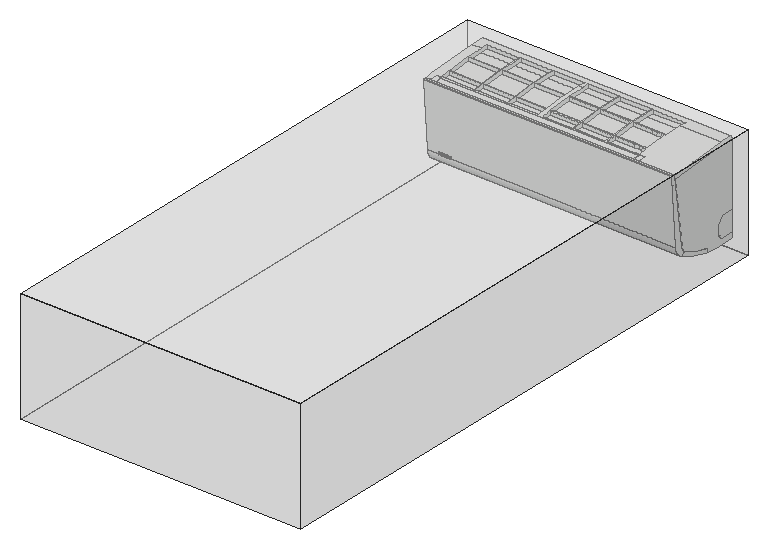
Revit family "outputfile", category 機械設備, Revit 2024 (continued)
Definition of nested family "DAIKIN_indoorunit_FTKF-DVA"
  Cuts and joins
    Extrusion 48, Extrusion 50 cuts Extrusion 37
    Extrusion 48, Extrusion 50 cuts Extrusion 38
    Extrusion 50 cuts Extrusion 49
    Extrusion 52, Extrusion 54 cuts Extrusion 2
    Extrusion 52, Extrusion 54 cuts Extrusion 6
    Extrusion 54 cuts Extrusion 53
    Extrusion 47 cuts Extrusion 46
  Lines and regions (mm)
    reference lines
      curve 1: line (-523, -203.827, -201.479) -> (-523, -197.847, -215.327)
      curve 2: line (-523, -218.956, -203.806) -> (-523, -217.93, -217.251)
      curve 3: line (-523, -253.284, -206.176) -> (-523, -252.024, -219.601)
  Dimensions and locks
    locked: Extrusion 9 sketch curve to Extrusion 9 sketch curve at 60
    locked: Extrusion 9 sketch curve to Extrusion 9 sketch curve at 50
    locked: Extrusion 11 sketch curve to Extrusion 11 sketch curve at 48.5
    equal spacing: plane 5, plane 3 "Center (Left/Right)", plane 4
    "Width": plane 5 to plane 4
    locked: Extrusion 8 sketch curve to plane 4 at 48
    "WALL HOLE-R": plane 5 to Extrusion 8 sketch curve
    "Height": plane 2 "reference_level" to plane 6
    locked: Extrusion 8 sketch curve to plane 6 at 45  (x2)
    Extrusion 13 to nested 2 = 36.0 mm
    locked: Extrusion 19 sketch curve to Extrusion 19 sketch curve at 60
    locked: Extrusion 20 sketch curve to Extrusion 20 sketch curve at 60
    Extrusion 21 sketch curve to Extrusion 21 sketch curve = 52.0 mm  (x2)
    Extrusion 11 sketch curve to Extrusion 11 sketch curve to plane 3 "Center (Left/Right)" = 60.0 mm locked, 286.0 mm locked
    plane 3 "Center (Left/Right)" to Extrusion 11 sketch curve to Extrusion 11 sketch curve = 259.0 mm locked, 60.0 mm locked
    Extrusion 21 sketch curve to Extrusion 21 sketch curve to plane 3 "Center (Left/Right)" to Extrusion 21 sketch curve to Extrusion 21 sketch curve = 60.0 mm, 309.0 mm, 309.0 mm, 60.0 mm
    Extrusion 42 sketch curve to plane 1 "Center (Front/Back)" = 61.8 mm
    Extrusion 42 sketch curve to Extrusion 42 sketch curve to plane 3 "Center (Left/Right)" to Extrusion 42 sketch curve to Extrusion 42 sketch curve = 73.5 mm locked, 395.5 mm locked, 395.5 mm locked, 73.5 mm locked
    aligned and locked: level to plane 2 "reference_level"
    aligned and locked: Extrusion 11 sketch curve to Extrusion 11 sketch curve  (x2)
    aligned and locked: Extrusion 8 to plane 1 "Center (Front/Back)"
    aligned and locked: nested 2 to curve 2
    aligned and locked: nested 3 to curve 3
    aligned and locked: Extrusion 42 sketch curve to Extrusion 42 sketch curve
  Automatic sketch dimensions
    Extrusion 4 sketch curve to plane 1 "Center (Front/Back)" = 0.0 mm
    plane 1 "Center (Front/Back)" to Extrusion 4 sketch curve = 2.596 mm
    plane 1 "Center (Front/Back)" to Extrusion 4 sketch curve = 22.05 mm
    Extrusion 4 sketch curve to level = 8.0 mm
    Extrusion 4 sketch curve to Extrusion 4 sketch curve = 87.469 mm
    Extrusion 4 sketch curve to Extrusion 4 sketch curve = 23.928 mm
    Extrusion 4 sketch curve to Extrusion 4 sketch curve = 26.307 mm
    Extrusion 4 sketch curve to Extrusion 4 sketch curve = 83.5 mm
    Extrusion 4 sketch curve to level = 28.539 mm
    Extrusion 4 sketch curve to Extrusion 4 sketch curve = 91.44 mm
    Extrusion 4 sketch curve to Extrusion 4 sketch curve = 12.229 mm
    Extrusion 4 sketch curve to Extrusion 4 sketch curve = 32.705 mm
    Extrusion 4 sketch curve to level = 43.491 mm
    Extrusion 4 sketch curve to Extrusion 4 sketch curve = 3.707 mm
    Extrusion 4 sketch curve to Extrusion 4 sketch curve = 52.472 mm
    Extrusion 4 sketch curve to Extrusion 4 sketch curve = 0.0 mm
    plane 1 "Center (Front/Back)" to Extrusion 5 sketch curve = 192.48 mm
    Extrusion 5 sketch curve to Extrusion 5 sketch curve = 11.872 mm
    Extrusion 5 sketch curve to Extrusion 5 sketch curve = 65.26 mm
    Extrusion 5 sketch curve to Extrusion 5 sketch curve = 0.31 mm  (x2)
    Extrusion 5 sketch curve to Extrusion 5 sketch curve = 66.449 mm
    plane 1 "Center (Front/Back)" to Extrusion 5 sketch curve = 22.36 mm
    Extrusion 5 sketch curve to level = 276.027 mm
    Extrusion 5 sketch curve to Extrusion 5 sketch curve = 10.915 mm
    Extrusion 5 sketch curve to Extrusion 5 sketch curve = 42.154 mm
    Extrusion 5 sketch curve to Extrusion 5 sketch curve = 1.37 mm
    Extrusion 5 sketch curve to Extrusion 5 sketch curve = 54.088 mm
    Extrusion 5 sketch curve to Extrusion 5 sketch curve = 0.0 mm  (x2)
    Extrusion 5 sketch curve to level = 43.491 mm
    plane 1 "Center (Front/Back)" to Extrusion 6 sketch curve = 192.48 mm
    Extrusion 6 sketch curve to Extrusion 6 sketch curve = 11.872 mm
    Extrusion 6 sketch curve to Extrusion 6 sketch curve = 65.26 mm
    Extrusion 6 sketch curve to Extrusion 6 sketch curve = 0.31 mm  (x2)
    Extrusion 6 sketch curve to Extrusion 6 sketch curve = 66.449 mm
    plane 1 "Center (Front/Back)" to Extrusion 6 sketch curve = 22.36 mm
    Extrusion 6 sketch curve to level = 276.027 mm
    Extrusion 6 sketch curve to Extrusion 6 sketch curve = 10.915 mm
    Extrusion 6 sketch curve to Extrusion 6 sketch curve = 42.154 mm
    Extrusion 6 sketch curve to Extrusion 6 sketch curve = 1.37 mm
    Extrusion 6 sketch curve to Extrusion 6 sketch curve = 54.088 mm
    Extrusion 6 sketch curve to Extrusion 6 sketch curve = 0.0 mm  (x2)
    Extrusion 6 sketch curve to level = 43.491 mm
    plane 1 "Center (Front/Back)" to Extrusion 7 sketch curve = 72.419 mm
    Extrusion 7 sketch curve to plane 3 "Center (Left/Right)" = 324.633 mm
    Extrusion 7 sketch curve to Extrusion 7 sketch curve = 0.0 mm  (x39)
    plane 1 "Center (Front/Back)" to Extrusion 7 sketch curve = 75.939 mm
    Extrusion 7 sketch curve to Extrusion 7 sketch curve = 20.633 mm  (x2)
    plane 1 "Center (Front/Back)" to Extrusion 7 sketch curve = 74.9 mm
    plane 1 "Center (Front/Back)" to Extrusion 7 sketch curve = 142.3 mm
    Extrusion 7 sketch curve to Extrusion 7 sketch curve = 24.633 mm
    Extrusion 7 sketch curve to Extrusion 7 sketch curve = 69.1 mm
    plane 1 "Center (Front/Back)" to Extrusion 7 sketch curve = 24.5 mm  (x4)
    Extrusion 7 sketch curve to Extrusion 7 sketch curve = 1.4 mm  (x23)
    Extrusion 7 sketch curve to Extrusion 7 sketch curve = 86.6 mm
    Extrusion 7 sketch curve to Extrusion 7 sketch curve = 70.6 mm
    Extrusion 7 sketch curve to Extrusion 7 sketch curve = 20.0 mm  (x4)
    plane 3 "Center (Left/Right)" to Extrusion 7 sketch curve = 36.5 mm  (x2)
    Extrusion 7 sketch curve to Extrusion 7 sketch curve = 87.0 mm
    Extrusion 7 sketch curve to Extrusion 7 sketch curve = 69.717 mm
    Extrusion 7 sketch curve to Extrusion 7 sketch curve = 1.026 mm
    Extrusion 7 sketch curve to Extrusion 7 sketch curve = 38.883 mm
    Extrusion 7 sketch curve to Extrusion 7 sketch curve = 39.104 mm
    Extrusion 7 sketch curve to Extrusion 7 sketch curve = 1.291 mm
    Extrusion 7 sketch curve to Extrusion 7 sketch curve = 1.048 mm  (x5)
    Extrusion 7 sketch curve to Extrusion 7 sketch curve = 41.2 mm
    Extrusion 7 sketch curve to Extrusion 7 sketch curve = 3.496 mm  (x2)
    Extrusion 7 sketch curve to Extrusion 7 sketch curve = 3.508 mm
    Extrusion 7 sketch curve to Extrusion 7 sketch curve = 63.904 mm
    Extrusion 7 sketch curve to Extrusion 7 sketch curve = 66.0 mm
    Extrusion 7 sketch curve to Extrusion 7 sketch curve = 3.386 mm
    Extrusion 9 sketch curve to plane 1 "Center (Front/Back)" = 0.0 mm
    Extrusion 9 sketch curve to Extrusion 9 sketch curve = 20.0 mm  (x2)
    Extrusion 9 sketch curve to level = 273.0 mm
    plane 1 "Center (Front/Back)" to Extrusion 11 sketch curve = 0.0 mm
    Extrusion 11 sketch curve to Extrusion 11 sketch curve = 18.5 mm  (x3)
    Extrusion 11 sketch curve to Extrusion 11 sketch curve = 23.0 mm
    Extrusion 12 sketch curve to level = 0.0 mm
    Extrusion 12 sketch curve to plane 1 "Center (Front/Back)" = 0.0 mm
    plane 1 "Center (Front/Back)" to Extrusion 12 sketch curve = 5.0 mm
    Extrusion 12 sketch curve to plane 1 "Center (Front/Back)" = 14.977 mm
    Extrusion 12 sketch curve to level = 9.02 mm
    Extrusion 12 sketch curve to level = 11.0 mm
    level to Extrusion 12 sketch curve = 9.314 mm
    plane 1 "Center (Front/Back)" to Extrusion 14 sketch curve = 23.5 mm  (x3)
    Extrusion 14 sketch curve to plane 3 "Center (Left/Right)" = 355.499 mm
    Extrusion 14 sketch curve to Extrusion 14 sketch curve = 0.0 mm  (x34)
    Extrusion 14 sketch curve to Extrusion 14 sketch curve = 101.5 mm
    Extrusion 14 sketch curve to Extrusion 14 sketch curve = 2.6 mm  (x8)
    Extrusion 14 sketch curve to Extrusion 14 sketch curve = 99.5 mm  (x2)
    Extrusion 14 sketch curve to plane 3 "Center (Left/Right)" = 54.549 mm
    Extrusion 14 sketch curve to Extrusion 14 sketch curve = 12.0 mm  (x7)
    plane 3 "Center (Left/Right)" to Extrusion 14 sketch curve = 52.301 mm  (x2)
    Extrusion 14 sketch curve to Extrusion 14 sketch curve = 73.2 mm  (x2)
    Extrusion 14 sketch curve to Extrusion 14 sketch curve = 2.4 mm  (x6)
    Extrusion 14 sketch curve to Extrusion 14 sketch curve = 71.0 mm  (x3)
    Extrusion 14 sketch curve to Extrusion 14 sketch curve = 1.6 mm  (x6)
    Extrusion 14 sketch curve to Extrusion 14 sketch curve = 30.0 mm  (x3)
    plane 1 "Center (Front/Back)" to Extrusion 15 sketch curve = 194.856 mm
    Extrusion 15 sketch curve to Extrusion 15 sketch curve = 9.074 mm
    Extrusion 15 sketch curve to Extrusion 15 sketch curve = 86.508 mm
    level to Extrusion 15 sketch curve = 11.72 mm
    plane 1 "Center (Front/Back)" to Extrusion 15 sketch curve = 52.895 mm
    Extrusion 15 sketch curve to Extrusion 15 sketch curve = 0.004 mm
    Extrusion 15 sketch curve to Extrusion 15 sketch curve = 0.033 mm
    Extrusion 15 sketch curve to level = 244.604 mm
    Extrusion 15 sketch curve to Extrusion 15 sketch curve = 7.382 mm
    plane 1 "Center (Front/Back)" to Extrusion 16 sketch curve = 194.856 mm
    Extrusion 16 sketch curve to Extrusion 16 sketch curve = 9.074 mm
    Extrusion 16 sketch curve to Extrusion 16 sketch curve = 86.508 mm
    level to Extrusion 16 sketch curve = 11.72 mm
    plane 1 "Center (Front/Back)" to Extrusion 16 sketch curve = 52.895 mm
    Extrusion 16 sketch curve to Extrusion 16 sketch curve = 0.004 mm
    Extrusion 16 sketch curve to level = 244.604 mm
    Extrusion 16 sketch curve to Extrusion 16 sketch curve = 7.382 mm
    Extrusion 16 sketch curve to Extrusion 16 sketch curve = 10.901 mm
    plane 1 "Center (Front/Back)" to Extrusion 17 sketch curve = 194.856 mm
    Extrusion 17 sketch curve to Extrusion 17 sketch curve = 9.074 mm
    Extrusion 17 sketch curve to Extrusion 17 sketch curve = 86.508 mm
    level to Extrusion 17 sketch curve = 11.72 mm
    plane 1 "Center (Front/Back)" to Extrusion 17 sketch curve = 52.895 mm
    Extrusion 17 sketch curve to Extrusion 17 sketch curve = 0.004 mm
    Extrusion 17 sketch curve to level = 244.604 mm
    Extrusion 17 sketch curve to Extrusion 17 sketch curve = 7.382 mm
    Extrusion 17 sketch curve to Extrusion 17 sketch curve = 10.901 mm
    Extrusion 19 sketch curve to plane 1 "Center (Front/Back)" = 0.0 mm
    Extrusion 19 sketch curve to Extrusion 19 sketch curve = 32.8 mm
    plane 1 "Center (Front/Back)" to Extrusion 19 sketch curve = 32.8 mm
    Extrusion 19 sketch curve to Extrusion 19 sketch curve = 19.2 mm
    Extrusion 19 sketch curve to level = 269.6 mm
    Extrusion 20 sketch curve to plane 1 "Center (Front/Back)" = 0.0 mm
    Extrusion 20 sketch curve to Extrusion 20 sketch curve = 32.8 mm  (x2)
    Extrusion 20 sketch curve to Extrusion 20 sketch curve = 19.2 mm
    Extrusion 20 sketch curve to level = 269.6 mm
    plane 1 "Center (Front/Back)" to Extrusion 21 sketch curve = 0.0 mm  (x2)
    Extrusion 21 sketch curve to Extrusion 21 sketch curve = 20.0 mm  (x4)
    Extrusion 22 sketch curve to plane 3 "Center (Left/Right)" = 339.0 mm
    plane 3 "Center (Left/Right)" to Extrusion 22 sketch curve = 231.0 mm
    plane 1 "Center (Front/Back)" to Extrusion 22 sketch curve = 202.769 mm
    Extrusion 22 sketch curve to Extrusion 22 sketch curve = 17.012 mm
    Extrusion 23 sketch curve to plane 3 "Center (Left/Right)" = 339.0 mm
    Extrusion 23 sketch curve to Extrusion 23 sketch curve = 15.0 mm  (x2)
    plane 3 "Center (Left/Right)" to Extrusion 23 sketch curve = 216.0 mm
    plane 1 "Center (Front/Back)" to Extrusion 23 sketch curve = 202.757 mm  (x2)
    Extrusion 23 sketch curve to Extrusion 23 sketch curve = 17.0 mm  (x2)
    Extrusion 24 sketch curve to plane 3 "Center (Left/Right)" = 324.0 mm
    Extrusion 24 sketch curve to Extrusion 24 sketch curve = 43.629 mm
    Extrusion 24 sketch curve to Extrusion 24 sketch curve = 1.5 mm  (x9)
    Extrusion 24 sketch curve to Extrusion 24 sketch curve = 21.542 mm  (x3)
    Extrusion 24 sketch curve to plane 3 "Center (Left/Right)" = 123.621 mm
    Extrusion 24 sketch curve to plane 3 "Center (Left/Right)" = 9.121 mm
    plane 3 "Center (Left/Right)" to Extrusion 24 sketch curve = 13.921 mm
    Extrusion 24 sketch curve to Extrusion 24 sketch curve = 132.208 mm
    Extrusion 24 sketch curve to Extrusion 24 sketch curve = 43.829 mm
    plane 1 "Center (Front/Back)" to Extrusion 24 sketch curve = 202.757 mm
    plane 1 "Center (Front/Back)" to Extrusion 24 sketch curve = 195.757 mm
    Extrusion 24 sketch curve to Extrusion 24 sketch curve = 7.0 mm  (x2)
    Extrusion 24 sketch curve to Extrusion 24 sketch curve = 3.5 mm  (x4)
    Extrusion 24 sketch curve to Extrusion 24 sketch curve = 12.0 mm
    Extrusion 26 sketch curve to plane 3 "Center (Left/Right)" = 373.412 mm
    Extrusion 26 sketch curve to Extrusion 26 sketch curve = 1.011 mm
    Extrusion 26 sketch curve to Extrusion 26 sketch curve = 15.228 mm
    Extrusion 26 sketch curve to Extrusion 26 sketch curve = 0.132 mm
    plane 3 "Center (Left/Right)" to Extrusion 26 sketch curve = 259.015 mm
    Extrusion 26 sketch curve to Extrusion 26 sketch curve = 0.133 mm
    Extrusion 26 sketch curve to Extrusion 26 sketch curve = 15.197 mm
    Extrusion 26 sketch curve to Extrusion 26 sketch curve = 16.358 mm
    plane 1 "Center (Front/Back)" to Extrusion 26 sketch curve = 238.673 mm
    Extrusion 26 sketch curve to Extrusion 26 sketch curve = 34.983 mm
    Extrusion 26 sketch curve to Extrusion 26 sketch curve = 3.79 mm  (x2)
    plane 3 "Center (Left/Right)" to Extrusion 26 sketch curve = 247.689 mm
    plane 1 "Center (Front/Back)" to Extrusion 26 sketch curve = 58.091 mm
    Extrusion 27 sketch curve to plane 3 "Center (Left/Right)" = 373.099 mm
    Extrusion 27 sketch curve to Extrusion 27 sketch curve = 0.698 mm
    Extrusion 27 sketch curve to Extrusion 27 sketch curve = 15.228 mm
    Extrusion 27 sketch curve to Extrusion 27 sketch curve = 0.132 mm
    Extrusion 27 sketch curve to Extrusion 27 sketch curve = 1.99 mm
    plane 3 "Center (Left/Right)" to Extrusion 27 sketch curve = 257.001 mm
    Extrusion 27 sketch curve to Extrusion 27 sketch curve = 2.014 mm
    Extrusion 27 sketch curve to Extrusion 27 sketch curve = 0.133 mm
    Extrusion 27 sketch curve to Extrusion 27 sketch curve = 15.196 mm
    Extrusion 27 sketch curve to Extrusion 27 sketch curve = 18.053 mm
    plane 1 "Center (Front/Back)" to Extrusion 27 sketch curve = 226.673 mm  (x2)
    Extrusion 27 sketch curve to Extrusion 27 sketch curve = 22.983 mm  (x2)
    Extrusion 27 sketch curve to Extrusion 27 sketch curve = 3.79 mm  (x2)
    Extrusion 28 sketch curve to plane 3 "Center (Left/Right)" = 355.05 mm
    plane 3 "Center (Left/Right)" to Extrusion 28 sketch curve = 257.001 mm
    plane 1 "Center (Front/Back)" to Extrusion 28 sketch curve = 226.673 mm
    Extrusion 28 sketch curve to Extrusion 28 sketch curve = 22.983 mm
    Extrusion 29 sketch curve to level = 0.0 mm
    Extrusion 29 sketch curve to level = 30.0 mm
    plane 1 "Center (Front/Back)" to Extrusion 29 sketch curve = 238.673 mm
    Extrusion 29 sketch curve to Extrusion 29 sketch curve = 38.773 mm
    Extrusion 29 sketch curve to Extrusion 29 sketch curve = 0.0 mm  (x2)
    plane 1 "Center (Front/Back)" to Extrusion 29 sketch curve = 45.84 mm
    Extrusion 29 sketch curve to plane 1 "Center (Front/Back)" = 14.977 mm
    Extrusion 29 sketch curve to Extrusion 29 sketch curve = 994.66 mm
    Extrusion 29 sketch curve to Extrusion 29 sketch curve = 0.163 mm
    Extrusion 29 sketch curve to Extrusion 29 sketch curve = 7.224 mm
    Extrusion 29 sketch curve to level = 11.646 mm
    level to Extrusion 29 sketch curve = 9.314 mm
    Extrusion 29 sketch curve to Extrusion 29 sketch curve = 13.398 mm
    Extrusion 30 sketch curve to Extrusion 30 sketch curve = 0.0 mm  (x2)
    plane 1 "Center (Front/Back)" to Extrusion 30 sketch curve = 189.887 mm
    Extrusion 30 sketch curve to Extrusion 30 sketch curve = 11.307 mm
    Extrusion 30 sketch curve to Extrusion 30 sketch curve = 46.464 mm
    Extrusion 30 sketch curve to Extrusion 30 sketch curve = 21.724 mm
    Extrusion 30 sketch curve to level = 277.1 mm
    Extrusion 30 sketch curve to Extrusion 30 sketch curve = 22.499 mm
    Extrusion 31 sketch curve to Extrusion 31 sketch curve = 0.0 mm  (x2)
    plane 1 "Center (Front/Back)" to Extrusion 31 sketch curve = 189.887 mm
    Extrusion 31 sketch curve to Extrusion 31 sketch curve = 11.307 mm
    Extrusion 31 sketch curve to Extrusion 31 sketch curve = 46.464 mm
    Extrusion 31 sketch curve to Extrusion 31 sketch curve = 21.724 mm
    Extrusion 31 sketch curve to level = 277.1 mm
    Extrusion 31 sketch curve to Extrusion 31 sketch curve = 22.499 mm
    Extrusion 32 sketch curve to Extrusion 32 sketch curve = 0.0 mm  (x2)
    plane 1 "Center (Front/Back)" to Extrusion 32 sketch curve = 185.929 mm
    Extrusion 32 sketch curve to Extrusion 32 sketch curve = 6.899 mm
    Extrusion 32 sketch curve to Extrusion 32 sketch curve = 9.219 mm
    Extrusion 32 sketch curve to Extrusion 32 sketch curve = 7.915 mm
    Extrusion 32 sketch curve to level = 264.005 mm
    Extrusion 32 sketch curve to Extrusion 32 sketch curve = 7.405 mm
    Extrusion 33 sketch curve to Extrusion 33 sketch curve = 0.0 mm  (x2)
    plane 1 "Center (Front/Back)" to Extrusion 33 sketch curve = 185.929 mm
    Extrusion 33 sketch curve to Extrusion 33 sketch curve = 6.899 mm
    Extrusion 33 sketch curve to Extrusion 33 sketch curve = 9.219 mm
    Extrusion 33 sketch curve to Extrusion 33 sketch curve = 7.915 mm
    Extrusion 33 sketch curve to level = 264.005 mm
    Extrusion 33 sketch curve to Extrusion 33 sketch curve = 7.405 mm
    plane 1 "Center (Front/Back)" to Extrusion 36 sketch curve = 233.849 mm
    Extrusion 36 sketch curve to Extrusion 36 sketch curve = 11.574 mm
    Extrusion 36 sketch curve to Extrusion 36 sketch curve = 106.825 mm
    Extrusion 36 sketch curve to Extrusion 36 sketch curve = 0.0 mm
    level to Extrusion 36 sketch curve = 3.941 mm
    plane 1 "Center (Front/Back)" to Extrusion 36 sketch curve = 90.201 mm
    Extrusion 36 sketch curve to Extrusion 36 sketch curve = 0.002 mm
    Extrusion 36 sketch curve to Extrusion 36 sketch curve = 0.776 mm
    Extrusion 36 sketch curve to level = 250.06 mm
    Extrusion 36 sketch curve to Extrusion 36 sketch curve = 9.301 mm
    Extrusion 36 sketch curve to Extrusion 36 sketch curve = 31.169 mm
    Extrusion 36 sketch curve to Extrusion 36 sketch curve = 13.702 mm
    Extrusion 36 sketch curve to Extrusion 36 sketch curve = 27.641 mm
    plane 1 "Center (Front/Back)" to Extrusion 37 sketch curve = 233.849 mm
    Extrusion 37 sketch curve to Extrusion 37 sketch curve = 11.574 mm
    Extrusion 37 sketch curve to Extrusion 37 sketch curve = 106.825 mm
    Extrusion 37 sketch curve to Extrusion 37 sketch curve = 0.0 mm
    level to Extrusion 37 sketch curve = 3.941 mm
    plane 1 "Center (Front/Back)" to Extrusion 37 sketch curve = 90.201 mm
    Extrusion 37 sketch curve to Extrusion 37 sketch curve = 0.002 mm
    Extrusion 37 sketch curve to Extrusion 37 sketch curve = 0.776 mm
    Extrusion 37 sketch curve to level = 250.06 mm
    Extrusion 37 sketch curve to Extrusion 37 sketch curve = 9.301 mm
    Extrusion 37 sketch curve to Extrusion 37 sketch curve = 31.169 mm
    Extrusion 37 sketch curve to Extrusion 37 sketch curve = 13.702 mm
    Extrusion 37 sketch curve to Extrusion 37 sketch curve = 27.641 mm
    plane 1 "Center (Front/Back)" to Extrusion 38 sketch curve = 233.849 mm
    Extrusion 38 sketch curve to Extrusion 38 sketch curve = 11.574 mm
    Extrusion 38 sketch curve to Extrusion 38 sketch curve = 106.825 mm
    Extrusion 38 sketch curve to Extrusion 38 sketch curve = 0.0 mm
    level to Extrusion 38 sketch curve = 3.941 mm
    plane 1 "Center (Front/Back)" to Extrusion 38 sketch curve = 90.201 mm
    Extrusion 38 sketch curve to Extrusion 38 sketch curve = 0.002 mm
    Extrusion 38 sketch curve to Extrusion 38 sketch curve = 0.776 mm
    Extrusion 38 sketch curve to level = 250.06 mm
    Extrusion 38 sketch curve to Extrusion 38 sketch curve = 9.301 mm
    Extrusion 38 sketch curve to Extrusion 38 sketch curve = 31.169 mm
    Extrusion 38 sketch curve to Extrusion 38 sketch curve = 13.702 mm
    Extrusion 38 sketch curve to Extrusion 38 sketch curve = 27.641 mm
    Extrusion 40 sketch curve to plane 1 "Center (Front/Back)" = 0.0 mm
    plane 1 "Center (Front/Back)" to Extrusion 40 sketch curve = 41.8 mm
    Extrusion 40 sketch curve to Extrusion 40 sketch curve = 0.0 mm  (x2)
    Extrusion 40 sketch curve to Extrusion 40 sketch curve = 20.0 mm
    Extrusion 40 sketch curve to level = 275.5 mm
    Extrusion 40 sketch curve to Extrusion 40 sketch curve = 33.5 mm
    Extrusion 41 sketch curve to plane 1 "Center (Front/Back)" = 0.0 mm
    plane 1 "Center (Front/Back)" to Extrusion 41 sketch curve = 41.8 mm
    Extrusion 41 sketch curve to Extrusion 41 sketch curve = 0.0 mm
    Extrusion 41 sketch curve to Extrusion 41 sketch curve = 20.0 mm
    Extrusion 41 sketch curve to level = 202.0 mm
    Extrusion 41 sketch curve to Extrusion 41 sketch curve = 33.5 mm
    plane 1 "Center (Front/Back)" to Extrusion 42 sketch curve = 0.0 mm  (x2)
    Extrusion 42 sketch curve to Extrusion 42 sketch curve = 20.0 mm  (x4)
    plane 3 "Center (Left/Right)" to Extrusion 44 sketch curve = 380.0 mm
    Extrusion 46 sketch curve to plane 3 "Center (Left/Right)" = 466.5 mm
    plane 3 "Center (Left/Right)" to Extrusion 46 sketch curve = 366.0 mm
    plane 1 "Center (Front/Back)" to Extrusion 46 sketch curve = 264.436 mm
    Extrusion 46 sketch curve to Extrusion 46 sketch curve = 25.436 mm
    Extrusion 47 sketch curve to level = 33.272 mm
    Extrusion 47 sketch curve to level = 22.853 mm
    level to Extrusion 47 sketch curve = 5.0 mm
    Extrusion 48 sketch curve to Extrusion 48 sketch curve = 20.148 mm
    Extrusion 48 sketch curve to Extrusion 48 sketch curve = 44.745 mm
    Extrusion 48 sketch curve to Extrusion 48 sketch curve = 22.502 mm
    level to Extrusion 48 sketch curve = 6.546 mm
    plane 1 "Center (Front/Back)" to Extrusion 48 sketch curve = 89.423 mm
    Extrusion 48 sketch curve to Extrusion 48 sketch curve = 0.0 mm  (x2)
    Extrusion 48 sketch curve to Extrusion 48 sketch curve = 11.127 mm
    Extrusion 49 sketch curve to Extrusion 49 sketch curve = 0.0 mm  (x2)
    level to Extrusion 49 sketch curve = 6.546 mm
    plane 1 "Center (Front/Back)" to Extrusion 49 sketch curve = 89.423 mm
    Extrusion 49 sketch curve to level = 261.498 mm
    Extrusion 49 sketch curve to Extrusion 49 sketch curve = 11.127 mm
    Extrusion 49 sketch curve to Extrusion 49 sketch curve = 64.893 mm
    Extrusion 49 sketch curve to Extrusion 49 sketch curve = 20.148 mm
    Extrusion 50 sketch curve to Extrusion 50 sketch curve = 8.97 mm
    Extrusion 50 sketch curve to Extrusion 50 sketch curve = 7.404 mm
    level to Extrusion 50 sketch curve = 6.546 mm
    Extrusion 50 sketch curve to Extrusion 50 sketch curve = 6.785 mm
    Extrusion 50 sketch curve to Extrusion 50 sketch curve = 7.726 mm
    Extrusion 50 sketch curve to Extrusion 50 sketch curve = 0.0 mm  (x2)
    plane 1 "Center (Front/Back)" to Extrusion 50 sketch curve = 89.423 mm
    Extrusion 51 sketch curve to Extrusion 51 sketch curve = 0.0 mm  (x2)
    level to Extrusion 51 sketch curve = 6.546 mm
    plane 1 "Center (Front/Back)" to Extrusion 51 sketch curve = 89.423 mm
    Extrusion 51 sketch curve to level = 263.5 mm
    Extrusion 51 sketch curve to Extrusion 51 sketch curve = 6.785 mm
    Extrusion 51 sketch curve to Extrusion 51 sketch curve = 16.697 mm
    Extrusion 51 sketch curve to Extrusion 51 sketch curve = 7.726 mm
    Extrusion 10 sketch curve to plane 1 "Center (Front/Back)" = 0.0 mm
    plane 1 "Center (Front/Back)" to Extrusion 10 sketch curve = 30.0 mm
    Extrusion 10 sketch curve to Extrusion 10 sketch curve = 0.0 mm
    Extrusion 10 sketch curve to Extrusion 10 sketch curve = 20.0 mm  (x2)
    Extrusion 10 sketch curve to level = 273.0 mm
    Extrusion 3 sketch curve to level = 13.692 mm
    plane 1 "Center (Front/Back)" to Extrusion 3 sketch curve = 211.618 mm
    Extrusion 3 sketch curve to Extrusion 3 sketch curve = 0.618 mm
    Extrusion 3 sketch curve to Extrusion 3 sketch curve = 1.902 mm
    Extrusion 3 sketch curve to Extrusion 3 sketch curve = 2.0 mm
    Extrusion 3 sketch curve to level = 10.816 mm
    Extrusion 3 sketch curve to Extrusion 3 sketch curve = 8.849 mm
    Extrusion 3 sketch curve to Extrusion 3 sketch curve = 2.652 mm
    Extrusion 3 sketch curve to Extrusion 3 sketch curve = 151.871 mm
    Extrusion 3 sketch curve to Extrusion 3 sketch curve = 95.0 mm
    Extrusion 3 sketch curve to Extrusion 3 sketch curve = 10.31 mm
    Extrusion 3 sketch curve to Extrusion 3 sketch curve = 6.572 mm
    Extrusion 3 sketch curve to Extrusion 3 sketch curve = 0.097 mm
    Extrusion 3 sketch curve to Extrusion 3 sketch curve = 0.31 mm
    Extrusion 3 sketch curve to Extrusion 3 sketch curve = 11.812 mm
    plane 1 "Center (Front/Back)" to Extrusion 2 sketch curve = 115.348 mm
    plane 1 "Center (Front/Back)" to Extrusion 2 sketch curve = 22.36 mm
    Extrusion 2 sketch curve to level = 167.5 mm
    Extrusion 2 sketch curve to level = 43.491 mm
    Extrusion 2 sketch curve to Extrusion 2 sketch curve = 1.189 mm
    Extrusion 2 sketch curve to Extrusion 2 sketch curve = 58.182 mm
    Extrusion 2 sketch curve to Extrusion 2 sketch curve = 0.0 mm  (x4)
    Extrusion 2 sketch curve to Extrusion 2 sketch curve = 20.14 mm
    Extrusion 2 sketch curve to Extrusion 2 sketch curve = 0.31 mm  (x2)
    Extrusion 2 sketch curve to Extrusion 2 sketch curve = 11.872 mm
    Extrusion 2 sketch curve to Extrusion 2 sketch curve = 6.31 mm
    Extrusion 52 sketch curve to Extrusion 52 sketch curve = 0.0 mm  (x5)
    Extrusion 52 sketch curve to Extrusion 52 sketch curve = 52.75 mm
    plane 1 "Center (Front/Back)" to Extrusion 52 sketch curve = 22.36 mm
    Extrusion 52 sketch curve to Extrusion 52 sketch curve = 35.994 mm
    Extrusion 52 sketch curve to Extrusion 52 sketch curve = 64.506 mm
    Extrusion 52 sketch curve to level = 43.491 mm
    Extrusion 52 sketch curve to Extrusion 52 sketch curve = 6.981 mm
    Extrusion 52 sketch curve to Extrusion 52 sketch curve = 5.769 mm
    Extrusion 52 sketch curve to Extrusion 52 sketch curve = 3.0 mm
    Extrusion 52 sketch curve to Extrusion 52 sketch curve = 11.895 mm
    plane 1 "Center (Front/Back)" to Extrusion 53 sketch curve = 22.36 mm
    Extrusion 53 sketch curve to level = 43.491 mm
    Extrusion 53 sketch curve to Extrusion 53 sketch curve = 5.097 mm
    Extrusion 53 sketch curve to Extrusion 53 sketch curve = 48.896 mm
    Extrusion 53 sketch curve to Extrusion 53 sketch curve = 0.0 mm  (x6)
    Extrusion 53 sketch curve to Extrusion 53 sketch curve = 8.769 mm
    Extrusion 53 sketch curve to Extrusion 53 sketch curve = 11.895 mm
    Extrusion 53 sketch curve to Extrusion 53 sketch curve = 6.981 mm
    Extrusion 53 sketch curve to Extrusion 53 sketch curve = 3.0 mm
    Extrusion 54 sketch curve to Extrusion 54 sketch curve = 0.0 mm  (x6)
    Extrusion 54 sketch curve to Extrusion 54 sketch curve = 9.206 mm
    Extrusion 54 sketch curve to Extrusion 54 sketch curve = 61.422 mm
    plane 1 "Center (Front/Back)" to Extrusion 54 sketch curve = 22.36 mm
    Extrusion 54 sketch curve to Extrusion 54 sketch curve = 11.007 mm
    Extrusion 54 sketch curve to level = 43.491 mm
    Extrusion 54 sketch curve to Extrusion 54 sketch curve = 4.409 mm
    Extrusion 54 sketch curve to Extrusion 54 sketch curve = 1.8 mm
    Extrusion 54 sketch curve to Extrusion 54 sketch curve = 5.228 mm
    Extrusion 55 sketch curve to Extrusion 55 sketch curve = 61.422 mm
    Extrusion 55 sketch curve to level = 235.993 mm
    Extrusion 55 sketch curve to Extrusion 55 sketch curve = 4.409 mm
    Extrusion 55 sketch curve to Extrusion 55 sketch curve = 6.229 mm
    plane 1 "Center (Front/Back)" to Extrusion 55 sketch curve = 22.36 mm
    Extrusion 55 sketch curve to Extrusion 55 sketch curve = 0.0 mm  (x6)
    Extrusion 55 sketch curve to Extrusion 55 sketch curve = 8.205 mm
    Extrusion 55 sketch curve to Extrusion 55 sketch curve = 5.228 mm
    Extrusion 55 sketch curve to Extrusion 55 sketch curve = 1.8 mm
    Extrusion 25 sketch curve to Extrusion 25 sketch curve = 0.0 mm  (x4)
    Extrusion 25 sketch curve to level = 0.0 mm
    Extrusion 25 sketch curve to level = 35.0 mm
    plane 1 "Center (Front/Back)" to Extrusion 25 sketch curve = 205.202 mm
    Extrusion 25 sketch curve to Extrusion 25 sketch curve = 19.445 mm
    plane 1 "Center (Front/Back)" to Extrusion 25 sketch curve = 104.232 mm
    Extrusion 25 sketch curve to Extrusion 25 sketch curve = 209.941 mm
    Extrusion 25 sketch curve to Extrusion 25 sketch curve = 4.474 mm
    Extrusion 25 sketch curve to Extrusion 25 sketch curve = 8.811 mm
    Extrusion 12 sketch curve to Extrusion 12 sketch curve = 1.396 mm
    plane 1 "Center (Front/Back)" to Extrusion 12 sketch curve = 45.84 mm
    Extrusion 12 sketch curve to Extrusion 12 sketch curve = 0.0 mm
    Extrusion 12 sketch curve to Extrusion 12 sketch curve = 0.163 mm
    Extrusion 12 sketch curve to level = 26.758 mm
    Extrusion 18 sketch curve to plane 1 "Center (Front/Back)" = 0.0 mm
    level to Extrusion 18 sketch curve = 4.099 mm
    Extrusion 18 sketch curve to Extrusion 18 sketch curve = 0.857 mm
    Extrusion 18 sketch curve to Extrusion 18 sketch curve = 6.16 mm
    Extrusion 18 sketch curve to Extrusion 18 sketch curve = 46.473 mm
    Extrusion 18 sketch curve to Extrusion 18 sketch curve = 0.052 mm
    Extrusion 18 sketch curve to Extrusion 18 sketch curve = 69.066 mm
    Extrusion 18 sketch curve to Extrusion 18 sketch curve = 29.316 mm
    Extrusion 18 sketch curve to level = 26.762 mm
    Extrusion 18 sketch curve to Extrusion 18 sketch curve = 178.061 mm
    Extrusion 18 sketch curve to Extrusion 18 sketch curve = 4.015 mm
    Extrusion 18 sketch curve to Extrusion 18 sketch curve = 52.325 mm
    Extrusion 18 sketch curve to Extrusion 18 sketch curve = 11.703 mm
    Extrusion 18 sketch curve to Extrusion 18 sketch curve = 3.729 mm
    Extrusion 18 sketch curve to Extrusion 18 sketch curve = 7.779 mm
    Extrusion 18 sketch curve to level = 11.0 mm
    plane 1 "Center (Front/Back)" to Extrusion 18 sketch curve = 45.84 mm
    Extrusion 13 sketch curve to level = 15.416 mm
    plane 1 "Center (Front/Back)" to Extrusion 13 sketch curve = 197.648 mm
    Extrusion 13 sketch curve to Extrusion 13 sketch curve = 21.851 mm
    Extrusion 13 sketch curve to Extrusion 13 sketch curve = 8.255 mm
    plane 1 "Center (Front/Back)" to Extrusion 13 sketch curve = 46.245 mm
    Extrusion 13 sketch curve to Extrusion 13 sketch curve = 6.169 mm
    Extrusion 13 sketch curve to Extrusion 13 sketch curve = 10.292 mm
    Extrusion 13 sketch curve to Extrusion 13 sketch curve = 0.363 mm
    Extrusion 13 sketch curve to Extrusion 13 sketch curve = 1.994 mm
    Extrusion 13 sketch curve to Extrusion 13 sketch curve = 5.69 mm
    Extrusion 13 sketch curve to Extrusion 13 sketch curve = 20.433 mm
    Extrusion 13 sketch curve to Extrusion 13 sketch curve = 0.0 mm  (x3)
    Extrusion 13 sketch curve to Extrusion 13 sketch curve = 1.84 mm
    Extrusion 13 sketch curve to Extrusion 13 sketch curve = 9.251 mm
    Extrusion 13 sketch curve to Extrusion 13 sketch curve = 6.958 mm
    Extrusion 13 sketch curve to Extrusion 13 sketch curve = 0.157 mm
    Extrusion 13 sketch curve to level = 12.416 mm
    Extrusion 13 sketch curve to Extrusion 13 sketch curve = 201.658 mm
    Extrusion 34 sketch curve to plane 1 "Center (Front/Back)" = 0.0 mm
    Extrusion 34 sketch curve to level = 9.411 mm
    level to Extrusion 34 sketch curve = 0.0 mm
    plane 1 "Center (Front/Back)" to Extrusion 34 sketch curve = 5.217 mm
    Extrusion 34 sketch curve to Extrusion 34 sketch curve = 1.455 mm
    Extrusion 34 sketch curve to level = 10.748 mm
    Extrusion 34 sketch curve to Extrusion 34 sketch curve = 76.023 mm
    Extrusion 34 sketch curve to Extrusion 34 sketch curve = 0.06 mm
    Extrusion 34 sketch curve to level = 288.701 mm
    Extrusion 34 sketch curve to level = 18.596 mm
    Extrusion 34 sketch curve to Extrusion 34 sketch curve = 1.224 mm
    Extrusion 34 sketch curve to Extrusion 34 sketch curve = 3.693 mm
    Extrusion 34 sketch curve to level = 29.099 mm
    Extrusion 34 sketch curve to Extrusion 34 sketch curve = 1.436 mm
    Extrusion 35 sketch curve to plane 1 "Center (Front/Back)" = 0.0 mm
    plane 1 "Center (Front/Back)" to Extrusion 35 sketch curve = 61.8 mm
    Extrusion 35 sketch curve to level = 11.0 mm
    plane 1 "Center (Front/Back)" to Extrusion 35 sketch curve = 61.32 mm
    Extrusion 35 sketch curve to Extrusion 35 sketch curve = 52.85 mm
    Extrusion 35 sketch curve to Extrusion 35 sketch curve = 286.0 mm
    Extrusion 35 sketch curve to Extrusion 35 sketch curve = 2.004 mm
    Extrusion 35 sketch curve to Extrusion 35 sketch curve = 14.501 mm
    plane 1 "Center (Front/Back)" to Extrusion 35 sketch curve = 82.524 mm
    Extrusion 35 sketch curve to level = 29.099 mm
    Extrusion 35 sketch curve to level = 222.656 mm
    Extrusion 35 sketch curve to Extrusion 35 sketch curve = 43.948 mm
    Extrusion 35 sketch curve to Extrusion 35 sketch curve = 6.011 mm
    Extrusion 35 sketch curve to Extrusion 35 sketch curve = 14.16 mm
    level to Extrusion 35 sketch curve = 3.956 mm
    Extrusion 35 sketch curve to Extrusion 35 sketch curve = 28.88 mm
    Extrusion 35 sketch curve to Extrusion 35 sketch curve = 602.782 mm
    plane 1 "Center (Front/Back)" to Extrusion 39 sketch curve = 234.424 mm
    level to Extrusion 39 sketch curve = 23.59 mm
    plane 1 "Center (Front/Back)" to Extrusion 39 sketch curve = 83.906 mm
    Extrusion 39 sketch curve to level = 258.8 mm
    Extrusion 39 sketch curve to Extrusion 39 sketch curve = 14.508 mm
    Extrusion 39 sketch curve to Extrusion 39 sketch curve = 11.757 mm
    Extrusion 39 sketch curve to Extrusion 39 sketch curve = 9.554 mm
    Extrusion 39 sketch curve to Extrusion 39 sketch curve = 13.936 mm
    Extrusion 39 sketch curve to Extrusion 39 sketch curve = 26.899 mm
    Extrusion 39 sketch curve to Extrusion 39 sketch curve = 6.12 mm
    Extrusion 39 sketch curve to level = 18.854 mm
    Extrusion 39 sketch curve to level = 21.943 mm
    Extrusion 39 sketch curve to Extrusion 39 sketch curve = 7.064 mm
    plane 1 "Center (Front/Back)" to Extrusion 39 sketch curve = 81.184 mm
    Extrusion 39 sketch curve to Extrusion 39 sketch curve = 3.033 mm
    Extrusion 39 sketch curve to Extrusion 39 sketch curve = 0.318 mm
    Extrusion 39 sketch curve to Extrusion 39 sketch curve = 0.0 mm
    Extrusion 39 sketch curve to Extrusion 39 sketch curve = 1.499 mm
    curve 3 to level = 219.601 mm
    plane 1 "Center (Front/Back)" to curve 1 = 197.847 mm
    curve 3 to curve 2 = 2.35 mm
    curve 2 to curve 1 = 1.924 mm
    curve 3 to curve 3 = 13.425 mm
    curve 2 to curve 2 = 13.445 mm
    curve 1 to curve 1 = 13.848 mm
    curve 1 to curve 1 = 5.98 mm
    curve 1 to curve 2 = 20.083 mm
    curve 2 to curve 2 = 1.025 mm
    curve 2 to curve 3 = 34.094 mm
    curve 3 to curve 3 = 1.26 mm
    plane 1 "Center (Front/Back)" to Extrusion 43 sketch curve = 23.5 mm  (x4)
    Extrusion 43 sketch curve to plane 3 "Center (Left/Right)" = 465.5 mm
    Extrusion 43 sketch curve to Extrusion 43 sketch curve = 0.0 mm  (x44)
    Extrusion 43 sketch curve to Extrusion 43 sketch curve = 104.0 mm
    Extrusion 43 sketch curve to Extrusion 43 sketch curve = 2.5 mm  (x21)
    Extrusion 43 sketch curve to Extrusion 43 sketch curve = 101.0 mm  (x4)
    Extrusion 43 sketch curve to plane 3 "Center (Left/Right)" = 51.0 mm
    plane 3 "Center (Left/Right)" to Extrusion 43 sketch curve = 52.5 mm
    Extrusion 43 sketch curve to Extrusion 43 sketch curve = 57.7 mm
    Extrusion 43 sketch curve to Extrusion 43 sketch curve = 16.8 mm  (x3)
    Extrusion 43 sketch curve to Extrusion 43 sketch curve = 17.25 mm  (x3)
    Extrusion 43 sketch curve to Extrusion 43 sketch curve = 12.25 mm  (x2)
    Extrusion 43 sketch curve to Extrusion 43 sketch curve = 89.0 mm  (x3)
    Extrusion 43 sketch curve to Extrusion 43 sketch curve = 3.0 mm  (x11)
    Extrusion 43 sketch curve to Extrusion 43 sketch curve = 77.2 mm  (x4)
    Extrusion 43 sketch curve to Extrusion 43 sketch curve = 41.1 mm  (x4)
    Extrusion 45 sketch curve to plane 3 "Center (Left/Right)" = 482.5 mm
    Extrusion 45 sketch curve to Extrusion 45 sketch curve = 2.0 mm
    plane 1 "Center (Front/Back)" to Extrusion 45 sketch curve = 254.0 mm
    Extrusion 45 sketch curve to Extrusion 45 sketch curve = 15.0 mm  (x2)
    Extrusion 45 sketch curve to Extrusion 45 sketch curve = 14.0 mm
    Extrusion 45 sketch curve to Extrusion 45 sketch curve = 11.0 mm  (x2)
    plane 3 "Center (Left/Right)" to Extrusion 45 sketch curve = 367.0 mm
    Extrusion 45 sketch curve to Extrusion 45 sketch curve = 17.5 mm
    Extrusion 45 sketch curve to Extrusion 45 sketch curve = 4.5 mm
    plane 1 "Center (Front/Back)" to Extrusion 45 sketch curve = 265.0 mm
    Extrusion 44 sketch curve to Extrusion 44 sketch curve = 4.5 mm
    Extrusion 44 sketch curve to Extrusion 44 sketch curve = 10.436 mm  (x2)
    Extrusion 44 sketch curve to plane 3 "Center (Left/Right)" = 480.5 mm
    plane 1 "Center (Front/Back)" to Extrusion 44 sketch curve = 264.436 mm
    Extrusion 44 sketch curve to Extrusion 44 sketch curve = 2.0 mm
    Extrusion 44 sketch curve to Extrusion 44 sketch curve = 15.0 mm
    Extrusion 47 sketch curve to Extrusion 47 sketch curve = 39.736 mm
    Extrusion 47 sketch curve to Extrusion 47 sketch curve = 0.0 mm
    Extrusion 47 sketch curve to Extrusion 47 sketch curve = 10.742 mm
    plane 1 "Center (Front/Back)" to Extrusion 47 sketch curve = 81.299 mm
    Extrusion 47 sketch curve to Extrusion 47 sketch curve = 4.812 mm
    Extrusion 47 sketch curve to level = 29.099 mm
    Extrusion 47 sketch curve to Extrusion 47 sketch curve = 6.248 mm
    Extrusion 47 sketch curve to Extrusion 47 sketch curve = 1.224 mm
    Extrusion 47 sketch curve to Extrusion 47 sketch curve = 3.693 mm
    Extrusion 47 sketch curve to Extrusion 47 sketch curve = 10.502 mm
    plane 1 "Center (Front/Back)" to Extrusion 7 sketch curve = 72.431 mm
    Extrusion 7 sketch curve to Extrusion 7 sketch curve = 20.4 mm
    Extrusion 7 sketch curve to Extrusion 7 sketch curve = 17.5 mm  (x2)
    Extrusion 7 sketch curve to Extrusion 7 sketch curve = 0.877 mm
    Extrusion 7 sketch curve to Extrusion 7 sketch curve = 2.9 mm
    Extrusion 7 sketch curve to Extrusion 7 sketch curve = 17.663 mm
    Extrusion 7 sketch curve to Extrusion 7 sketch curve = 0.917 mm
    Extrusion 7 sketch curve to Extrusion 7 sketch curve = 69.3 mm
    Extrusion 7 sketch curve to Extrusion 7 sketch curve = 3.234 mm
    Extrusion 7 sketch curve to Extrusion 7 sketch curve = 64.166 mm
    Extrusion 14 sketch curve to Extrusion 14 sketch curve = 62.5 mm  (x2)
    Extrusion 14 sketch curve to Extrusion 14 sketch curve = 27.0 mm
    Extrusion 14 sketch curve to Extrusion 14 sketch curve = 15.0 mm
    Extrusion 14 sketch curve to Extrusion 14 sketch curve = 102.6 mm
    Extrusion 14 sketch curve to Extrusion 14 sketch curve = 18.0 mm  (x3)
    Extrusion 1 sketch curve to level = 0.0 mm
    Extrusion 1 sketch curve to level = 20.555 mm
    Extrusion 1 sketch curve to level = 29.25 mm
    Extrusion 1 sketch curve to Extrusion 1 sketch curve = 0.152 mm
    plane 1 "Center (Front/Back)" to Extrusion 1 sketch curve = 109.608 mm
    Extrusion 1 sketch curve to Extrusion 1 sketch curve = 0.089 mm
    plane 1 "Center (Front/Back)" to Extrusion 1 sketch curve = 8.198 mm
    plane 1 "Center (Front/Back)" to Extrusion 1 sketch curve = 2.596 mm
    Extrusion 1 sketch curve to Extrusion 1 sketch curve = 1.198 mm
    Extrusion 1 sketch curve to level = 8.0 mm
    Extrusion 4 sketch curve to Extrusion 4 sketch curve = 2.422 mm
    Extrusion 4 sketch curve to Extrusion 4 sketch curve = 21.82 mm
    radius of Extrusion 8 sketch curve = 40.0 mm  (x2)
  Nested families
    nested 1: "daikin_logo_plane_w40" at (-279, -204.799, -198.831) x (1, 0, 0) z (0, -0.9181, -0.3964), visible <- "switch_unit1_20-25", type "daikin_logo_plane_w40"
      with show_logo yes
    nested 2: "daikin_logo_plane_w40" at (-299, -218.583, -208.69) x (1, 0, 0) z (0, -0.9971, -0.076), visible <- "switch_unit1_35-50", type "daikin_logo_plane_w40"
      with show_logo yes
    nested 3: "daikin_logo_plane_w40" at (-409, -252.827, -211.052) x (1, 0, 0) z (0, -0.9956, -0.0934), visible <- "switch_unit1_60-71", type "daikin_logo_plane_w40"
      with show_logo yes
  Definition of nested family "daikin_logo_plane_w40"
    Parameters (values of type "daikin_logo_plane_w40")
      width = 40.0 mm
      show_logo [instance] = yes
      material = none
      height = 0.0 mm
      depth = 0.0 mm
      Default Elevation = 1219.2 mm
    Reference planes
      plane 1 "Center (Front/Back)": y = 0
      plane 2: z = 0
      plane 3 "Center (Left/Right)": x = 0
      plane 4: z = 2
      plane 5 "left": x = -19
      plane 6: x = 19
    Forms (mm)
      Extrusion 1, solid, visible <- "show_logo"
        sketch origin (-19, 0, 0) x (1, 0, 0) y (0, 1, 0)
          loop
            line (8.902, -1.878) -> (7.789, -6.332) -> (11.13, -6.332)
            arc (11.13, -6.332) -> (12.454, -6.064) -> (13.472, -5.176) r 2.642
            arc (13.472, -5.176) -> (13.92, -4.02) -> (13.767, -2.79) r 2.537
            arc (13.767, -2.79) -> (13.452, -2.342) -> (12.982, -2.06) r 1.321
            arc (12.982, -2.06) -> (12.063, -1.902) -> (11.13, -1.878) r 6.479
            line (11.13, -1.878) -> (8.902, -1.878)
          loop
            line (10.016, -5.441) -> (10.907, -5.441)
            arc (10.907, -5.441) -> (11.591, -4.983) -> (11.988, -4.261) r 1.742
            spline (11.988, -4.261) -> (12.01, -4.155) -> (12.027, -4.03) -> (12.037, -3.893) -> (12.037, -3.747) -> (12.026, -3.598) -> (12.002, -3.451) -> (11.962, -3.31) -> (11.905, -3.181) -> (11.829, -3.069) -> (11.731, -2.978) -> (11.61, -2.913) -> (11.464, -2.88)
            line (11.464, -2.88) -> (10.573, -2.88) -> (10.016, -5.441)
          loop
            line (13.58, -6.332) -> (14.805, -6.332) -> (15.223, -5.553) -> (16.977, -5.553) -> (17.144, -6.332) -> (19.149, -6.332) -> (18.258, -1.878) -> (16.03, -1.878) -> (13.58, -6.332)
          loop
            line (16.476, -3.214) -> (15.76, -4.551) -> (16.762, -4.551) -> (16.476, -3.214)
          loop
            line (19.705, -6.332) -> (21.599, -6.332) -> (22.712, -1.878) -> (20.819, -1.878) -> (19.705, -6.332)
          loop
            line (22.712, -6.332) -> (24.606, -6.332) -> (24.908, -5.122) -> (25.831, -6.332) -> (28.17, -6.332) -> (26.388, -3.994) -> (28.949, -1.878) -> (26.945, -1.878) -> (25.401, -3.153) -> (25.719, -1.878) -> (23.826, -1.878) -> (22.712, -6.332)
          loop
            line (29.84, -1.878) -> (28.615, -6.332) -> (30.62, -6.332) -> (31.734, -1.878) -> (29.84, -1.878)
          loop
            line (31.734, -6.332) -> (33.07, -6.332) -> (33.7, -3.814) -> (34.518, -6.332) -> (36.745, -6.332) -> (37.859, -1.878) -> (36.523, -1.878) -> (35.845, -4.589) -> (34.963, -1.878) -> (32.847, -1.878) -> (31.734, -6.332)
        from 0 to 2
      Extrusion 2, solid, visible <- "show_logo"
        sketch origin (-19, 0, 0) x (1, 0, 0) y (0, 1, 0)
          loop
            line (8.7, 0) -> (4.235, 0) -> (0, -3.879) -> (0, -8) -> (8.7, 0)
        from 0 to 2
      Extrusion 3, solid, visible <- "show_logo"
        sketch origin (-19, 0, 0) x (1, 0, 0) y (0, 1, 0)
          loop
            line (0, 0) -> (0, -3.879) -> (4.235, 0) -> (0, 0)
        from 0 to 2
    Dimensions and locks
      plane 4 to plane 2 = 2.0 mm
      equal spacing: plane 5 "left", plane 3 "Center (Left/Right)", plane 6
      locked: plane 5 "left" to plane 6 at 38
      aligned and locked: level to plane 2
      aligned and locked: Extrusion 3 to plane 1 "Center (Front/Back)"  (x2)
      aligned and locked: Extrusion 2 to plane 1 "Center (Front/Back)"  (x2)
      aligned and locked: plane 4 to Extrusion 1
      aligned and locked: plane 4 to Extrusion 3
      aligned and locked: plane 4 to Extrusion 2
      aligned and locked: Extrusion 3 to plane 5 "left"
      aligned and locked: Extrusion 2 to plane 5 "left"
    Automatic sketch dimensions
      Extrusion 1 sketch curve to Extrusion 1 sketch curve = 0.901 mm
      Extrusion 1 sketch curve to Extrusion 1 sketch curve = 1.559 mm
      Extrusion 1 sketch curve to Extrusion 1 sketch curve = 1.327 mm
      Extrusion 1 sketch curve to Extrusion 1 sketch curve = 2.145 mm
      Extrusion 1 sketch curve to Extrusion 1 sketch curve = 1.448 mm
      Extrusion 1 sketch curve to Extrusion 1 sketch curve = 2.116 mm
      Extrusion 1 sketch curve to Extrusion 1 sketch curve = 1.114 mm  (x4)
      Extrusion 1 sketch curve to Extrusion 1 sketch curve = 1.336 mm  (x2)
      plane 1 "Center (Front/Back)" to Extrusion 1 sketch curve = 1.878 mm  (x5)
      Extrusion 1 sketch curve to Extrusion 1 sketch curve = 1.893 mm  (x5)
      Extrusion 1 sketch curve to Extrusion 1 sketch curve = 0.891 mm  (x4)
      Extrusion 1 sketch curve to Extrusion 1 sketch curve = 2.005 mm  (x3)
      Extrusion 1 sketch curve to Extrusion 1 sketch curve = 0.445 mm  (x2)
      plane 1 "Center (Front/Back)" to Extrusion 1 sketch curve = 3.994 mm
      Extrusion 1 sketch curve to Extrusion 1 sketch curve = 0.557 mm  (x2)
      Extrusion 1 sketch curve to Extrusion 1 sketch curve = 2.339 mm  (x2)
      Extrusion 1 sketch curve to Extrusion 1 sketch curve = 1.225 mm  (x3)
      plane 1 "Center (Front/Back)" to Extrusion 1 sketch curve = 3.153 mm
      Extrusion 1 sketch curve to Extrusion 1 sketch curve = 0.987 mm
      plane 1 "Center (Front/Back)" to Extrusion 1 sketch curve = 5.122 mm
      Extrusion 1 sketch curve to Extrusion 1 sketch curve = 0.922 mm
      plane 1 "Center (Front/Back)" to Extrusion 1 sketch curve = 6.332 mm
      Extrusion 1 sketch curve to Extrusion 1 sketch curve = 2.562 mm
      plane 1 "Center (Front/Back)" to Extrusion 1 sketch curve = 5.553 mm
      Extrusion 1 sketch curve to Extrusion 1 sketch curve = 0.167 mm
      Extrusion 1 sketch curve to Extrusion 1 sketch curve = 0.215 mm
      plane 1 "Center (Front/Back)" to Extrusion 1 sketch curve = 3.214 mm
      Extrusion 1 sketch curve to Extrusion 1 sketch curve = 0.286 mm
      plane 1 "Center (Front/Back)" to Extrusion 1 sketch curve = 4.551 mm
      Extrusion 1 sketch curve to Extrusion 1 sketch curve = 1.002 mm
      Extrusion 1 sketch curve to Extrusion 1 sketch curve = 0.537 mm
      Extrusion 1 sketch curve to Extrusion 1 sketch curve = 0.418 mm
      Extrusion 1 sketch curve to Extrusion 1 sketch curve = 1.028 mm
      plane 1 "Center (Front/Back)" to Extrusion 1 sketch curve = 4.261 mm
      Extrusion 1 sketch curve to Extrusion 1 sketch curve = 0.563 mm
      plane 1 "Center (Front/Back)" to Extrusion 1 sketch curve = 2.88 mm
      Extrusion 1 sketch curve to Extrusion 1 sketch curve = 1.088 mm
      Extrusion 1 sketch curve to Extrusion 1 sketch curve = 2.152 mm
      Extrusion 1 sketch curve to Extrusion 1 sketch curve = 0.586 mm
      Extrusion 1 sketch curve to Extrusion 1 sketch curve = 0.118 mm
      Extrusion 1 sketch curve to Extrusion 1 sketch curve = 0.298 mm
      Extrusion 1 sketch curve to Extrusion 1 sketch curve = 0.334 mm
      Extrusion 1 sketch curve to Extrusion 1 sketch curve = 0.223 mm
      Extrusion 1 sketch curve to Extrusion 1 sketch curve = 0.266 mm
      Extrusion 1 sketch curve to Extrusion 1 sketch curve = 1.671 mm
      Extrusion 1 sketch curve to Extrusion 1 sketch curve = 2.227 mm
      Extrusion 1 sketch curve to Extrusion 1 sketch curve = 0.0 mm  (x7)
      Extrusion 1 sketch curve to Extrusion 1 sketch curve = 3.453 mm
      Extrusion 1 sketch curve to Extrusion 1 sketch curve = 2.017 mm
      Extrusion 1 sketch curve to Extrusion 1 sketch curve = 0.78 mm  (x2)
      Extrusion 1 sketch curve to Extrusion 1 sketch curve = 1.743 mm
      Extrusion 1 sketch curve to Extrusion 1 sketch curve = 0.775 mm
      Extrusion 1 sketch curve to Extrusion 1 sketch curve = 0.552 mm
      Extrusion 1 sketch curve to Extrusion 1 sketch curve = 0.014 mm
      Extrusion 1 sketch curve to Extrusion 1 sketch curve = 0.952 mm
      Extrusion 1 sketch curve to Extrusion 1 sketch curve = 1.215 mm
      Extrusion 1 sketch curve to Extrusion 1 sketch curve = 0.108 mm
      plane 1 "Center (Front/Back)" to Extrusion 2 sketch curve = 0.0 mm
      Extrusion 2 sketch curve to plane 3 "Center (Left/Right)" = 19.0 mm
      Extrusion 2 sketch curve to plane 3 "Center (Left/Right)" = 14.765 mm
      Extrusion 2 sketch curve to Extrusion 2 sketch curve = 4.465 mm
      plane 1 "Center (Front/Back)" to Extrusion 2 sketch curve = 3.879 mm
      Extrusion 2 sketch curve to Extrusion 2 sketch curve = 4.12 mm
      plane 1 "Center (Front/Back)" to Extrusion 3 sketch curve = 0.0 mm
      Extrusion 3 sketch curve to plane 3 "Center (Left/Right)" = 19.0 mm
      Extrusion 3 sketch curve to plane 3 "Center (Left/Right)" = 14.765 mm
      plane 1 "Center (Front/Back)" to Extrusion 3 sketch curve = 3.879 mm
      Extrusion 1 sketch curve to plane 3 "Center (Left/Right)" = 11.211 mm
      Extrusion 1 sketch curve to Extrusion 1 sketch curve = 1.782 mm
Definition of nested family "daikin_connector_rotate3"
  Parameters (values of type "daikin_connector_rotate3")
    show [instance] = yes
    radius [instance] = 10.0 mm
    length [instance] = 600.0 mm
    angle_horizontal [instance] = 60.00°
    angle_vertical [instance] = 90.00°
    Default Elevation = 1219.2 mm
  Reference planes
    plane 1 "Center (Front/Back)": y = 0
    plane 2: z = 0
    plane 3 "Center (Left/Right)": x = 0
  Dimensions and locks
    "angle_horizontal": angle plane 3 "Center (Left/Right)" to nested 1
    aligned and locked: level to plane 2
    aligned and locked: plane 1 "Center (Front/Back)" to nested 1  (x2)
    aligned and locked: plane 3 "Center (Left/Right)" to nested 1
  Nested families
    nested 1: "daikin_connector_rotate2" at (0, 0, 0) x (0.5, 0.866, 0) z (0, 0, 1), angle_vertical <- "angle_vertical", length <- "length", radius <- "radius", type "daikin_connector_rotate2"
      with radius 10.0 mm, length 600.0 mm, angle_vertical 90.00°
  Definition of nested family "daikin_connector_rotate2"
    Parameters (values of type "daikin_connector_rotate2")
      show_face = yes
      radius [instance] = 10.0 mm
      length [instance] = 600.0 mm
      d_surface = 10.0 mm
      angle_vertical [instance] = 90.00°
      Default Elevation = 0.0 mm
    Reference planes
      plane 1 "Center (Front/Back)": y = 0
      plane 2: z = 0
      plane 3 "Center (Left/Right)": x = 0
    Forms (mm)
      Extrusion 1, solid, visible <- "show_face"
        sketch origin (0, -600, 0) x (1, 0, 0) y (0, 0, 1)
          loop
            circle (0, 0) r 10
        from 0 to -10
    Lines and regions (mm)
      reference lines
        curve 1: line (0, 0, 0) -> (0, -600, 0)
      symbolic lines
        curve 2: circle (0, 0, 0) r 5 normal (0, 0, 1)
      model lines, visible <- "show_face"
        curve 3: line (0, 0, 0) -> (0, -600, 0)
    Dimensions and locks
      "length": curve 1 to curve 1
      "length": curve 3 to curve 3
      "d_surface": Extrusion 1 to Extrusion 1
      "radius": radius of Extrusion 1 sketch curve
      "angle_vertical": angle curve 1 to plane 1 "Center (Front/Back)"
      "angle_vertical": angle curve 3 to plane 1 "Center (Front/Back)"
      aligned and locked: level to plane 2
      aligned and locked: plane 1 "Center (Front/Back)" to curve 1
      aligned and locked: plane 2 to curve 1
      aligned and locked: plane 1 "Center (Front/Back)" to curve 2
      aligned and locked: plane 3 "Center (Left/Right)" to curve 2
      aligned and locked: plane 1 "Center (Front/Back)" to curve 3
      aligned and locked: plane 2 to curve 3
      aligned and locked: Extrusion 1 to Extrusion 1
    Automatic sketch dimensions
      Extrusion 1 sketch curve to level = 0.0 mm
      Extrusion 1 sketch curve to plane 3 "Center (Left/Right)" = 0.0 mm
      radius of curve 2 = 5.0 mm
